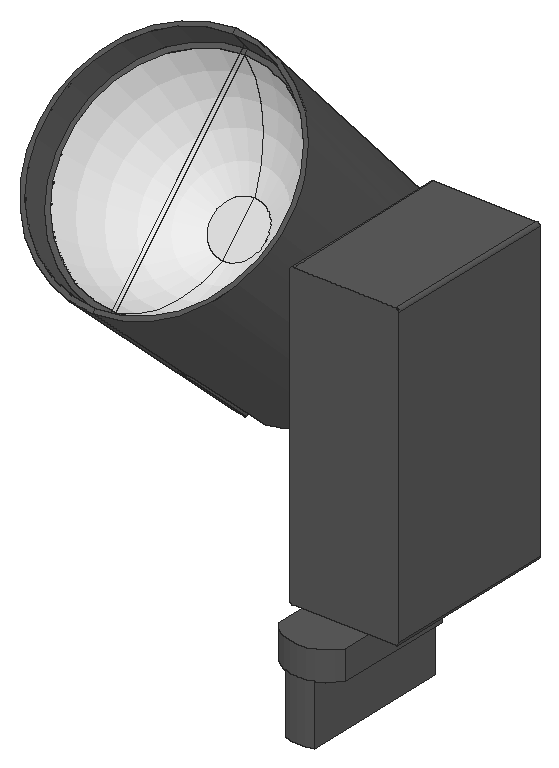
Revit family "0004944 Feilo Sylvania Lighting Fixture START TRACK SPOT L DALI 3260LM 930 WB BLK", category Lighting Fixtures, host Face, Revit 2017 (continued)
Definition of nested family "Start Track Spot Head"
  Types (96, lengths in mm): name | Wattage | built-in parameter 1150134 | Photometric Web File | Model | built-in parameter 1150105 | Lumens | built-in parameter 1150107 | built-in parameter 1150106 | HeadThickness_FEILO | HeadRibOffset_FEILO | HeadRibDepth_FEILO | HeadRibCutWidth_FEILO | HeadRibCutOffset_FEILO | HeadReflectorRadius_FEILO | HeadReflectorOffset_FEILO | HeadLEDRadius_FEILO | HeadHeight_FEILO | HeadDiffusorOffset_FEILO | HeadDiaOut_FEILO | HeadDiaIn_FEILO | HeadAxisFromTop_FEILO | Emit from Circle Diameter | built-in parameter 1150104 | Description | Apparent Load
    0004864 START TRACK SPOT S 24W 3K RA90 WB WHITE | 24 W | (empty or 0) | "0004864.ies" | "START TRACK SPOT S 24W 3K RA90 WB WHITE" | 152.79 (stored number, unit not read) | 1920 lm | 3000 (stored number, unit not read) | 1.5279 (stored number, unit not read) | 1.5 | 4.179 | 55.714 | 7.167 | 50.87 | 50.588 | 55.714 | 9.556 | 117 | 9.435 | 86 | 77.477 | 69.354 | 77.477 | 7.4322 (stored number, unit not read) | "Integrated LED spotlight, Textured White - RAL9016, compact and minimalist design, ideal for retail applications, die-cast aluminium body, passive cooling heatsink. Beam angle: 64°, color temperature: 3000K , total system power: 24W, total fixture output: 1928 lm, LOR: 100%, colour rendering: Ra: 90 typical, LED Chromaticity: 3 step MacAdam ellipse, lifetime: >50000 hours at L70B50, energy class: A++, A+, A, IR/UV free light source without heat radiation, operating voltage: 220-240V / 50-60Hz, drive current: 600mA, electronic driver, non-dimmable, power factor: 0.95, electrical protection: Class II, Global Track 3 Phase adapter suitable for Global trac 3-circuit tracks, ingress protection rating: IP20, suitable for internal environment only, horizontal rotation: 355°, vertical tilt: 90°, dimensions: Ø86x140x200, weight: 0.966kg." | 24 VA
    0004863 START TRACK SPOT S 24W 3K RA90 MB WHITE | 24 W | (empty or 0) | "0004863.ies" | "START TRACK SPOT S 24W 3K RA90 MB WHITE" | 154.7 (stored number, unit not read) | 1944 lm | 3000 (stored number, unit not read) | 1.547 (stored number, unit not read) | 1.5 | 4.179 | 55.714 | 7.167 | 50.87 | 50.588 | 55.714 | 9.556 | 117 | 9.435 | 86 | 77.477 | 69.354 | 77.477 | 7.5251 (stored number, unit not read) | "Integrated LED spotlight, Textured White - RAL9016, compact and minimalist design, ideal for retail applications, die-cast aluminium body, passive cooling heatsink. Beam angle: 36°, color temperature: 3000K , total system power: 24W, total fixture output: 1944 lm, LOR: 100%, colour rendering: Ra: 90 typical, LED Chromaticity: 3 step MacAdam ellipse, lifetime: >50000 hours at L70B50, energy class: A++, A+, A, IR/UV free light source without heat radiation, operating voltage: 220-240V / 50-60Hz, drive current: 600mA, electronic driver, non-dimmable, power factor: 0.95, electrical protection: Class II, Global Track 3 Phase adapter suitable for Global trac 3-circuit tracks, ingress protection rating: IP20, suitable for internal environment only, horizontal rotation: 355°, vertical tilt: 90°, dimensions: Ø86x140x200, weight: 0.966kg." | 24 VA
    0004862 START TRACK SPOT S 24W 3K RA90 NB WHITE | 24 W | (empty or 0) | "0004862.ies" | "START TRACK SPOT S 24W 3K RA90 NB WHITE" | 158.52 (stored number, unit not read) | 1992 lm | 3000 (stored number, unit not read) | 1.5852 (stored number, unit not read) | 1.5 | 4.179 | 55.714 | 7.167 | 50.87 | 50.588 | 55.714 | 9.556 | 117 | 9.435 | 86 | 77.477 | 69.354 | 77.477 | 7.711 (stored number, unit not read) | "Integrated LED spotlight, Textured White - RAL9016, compact and minimalist design, ideal for retail applications, die-cast aluminium body, passive cooling heatsink. Beam angle: 12°, color temperature: 3000K , total system power: 24W, total fixture output: 1987 lm, LOR: 100%, colour rendering: Ra: 90 typical, LED Chromaticity: 3 step MacAdam ellipse, lifetime: >50000 hours at L70B50, energy class: A++, A+, A, IR/UV free light source without heat radiation, operating voltage: 220-240V / 50-60Hz, drive current: 600mA, electronic driver, non-dimmable, power factor: 0.95, electrical protection: Class II, Global Track 3 Phase adapter suitable for Global trac 3-circuit tracks, ingress protection rating: IP20, suitable for internal environment only, horizontal rotation: 355°, vertical tilt: 90°, dimensions: Ø86x140x200, weight: 0.966kg." | 24 VA
    0004861 START TRACK SPOT S 14W 3K RA90 WB WHITE | 14 W | (empty or 0) | "0004861.ies" | "START TRACK SPOT S 14W 3K RA90 WB WHITE" | 100.27 (stored number, unit not read) | 1260 lm | 3000 (stored number, unit not read) | 1.0027 (stored number, unit not read) | 1.5 | 4.179 | 55.714 | 7.167 | 50.87 | 50.588 | 55.714 | 9.556 | 117 | 9.435 | 86 | 77.477 | 69.354 | 77.477 | 8.3613 (stored number, unit not read) | "Integrated LED spotlight, Textured White - RAL9016, compact and minimalist design, ideal for retail applications, die-cast aluminium body, passive cooling heatsink. Beam angle: 64°, color temperature: 3000K , total system power: 14W, total fixture output: 1262 lm, LOR: 100%, colour rendering: Ra: 90 typical, LED Chromaticity: 3 step MacAdam ellipse, lifetime: >50000 hours at L70B50, energy class: A++, A+, A, IR/UV free light source without heat radiation, operating voltage: 220-240V / 50-60Hz, drive current: 350mA, electronic driver, non-dimmable, power factor: 0.92, electrical protection: Class II, Global Track 3 Phase adapter suitable for Global trac 3-circuit tracks, ingress protection rating: IP20, suitable for internal environment only, horizontal rotation: 355°, vertical tilt: 90°, dimensions: Ø86x140x200, weight: 0.940kg." | 14 VA
    0004860 START TRACK SPOT S 14W 3K RA90 MB WHITE | 14 W | (empty or 0) | "0004860.ies" | "START TRACK SPOT S 14W 3K RA90 MB WHITE" | 100.27 (stored number, unit not read) | 1260 lm | 3000 (stored number, unit not read) | 1.0027 (stored number, unit not read) | 1.5 | 4.179 | 55.714 | 7.167 | 50.87 | 50.588 | 55.714 | 9.556 | 117 | 9.435 | 86 | 77.477 | 69.354 | 77.477 | 8.3613 (stored number, unit not read) | "Integrated LED spotlight, Textured White - RAL9016, compact and minimalist design, ideal for retail applications, die-cast aluminium body, passive cooling heatsink. Beam angle: 36°, color temperature: 3000K , total system power: 14W, total fixture output: 1262 lm, LOR: 100%, colour rendering: Ra: 90 typical, LED Chromaticity: 3 step MacAdam ellipse, lifetime: >50000 hours at L70B50, energy class: A++, A+, A, IR/UV free light source without heat radiation, operating voltage: 220-240V / 50-60Hz, drive current: 350mA, electronic driver, non-dimmable, power factor: 0.92, electrical protection: Class II, Global Track 3 Phase adapter suitable for Global trac 3-circuit tracks, ingress protection rating: IP20, suitable for internal environment only, horizontal rotation: 355°, vertical tilt: 90°, dimensions: Ø86x140x200, weight: 0.940kg." | 14 VA
    0004859 START TRACK SPOT S 14W 3K RA90 NB WHITE | 14 W | (empty or 0) | "0004859.ies" | "START TRACK SPOT S 14W 3K RA90 NB WHITE" | 102.5 (stored number, unit not read) | 1288 lm | 3000 (stored number, unit not read) | 1.025 (stored number, unit not read) | 1.5 | 4.179 | 55.714 | 7.167 | 50.87 | 50.588 | 55.714 | 9.556 | 117 | 9.435 | 86 | 77.477 | 69.354 | 77.477 | 8.5471 (stored number, unit not read) | "Integrated LED spotlight, Textured White - RAL9016, compact and minimalist design, ideal for retail applications, die-cast aluminium body, passive cooling heatsink. Beam angle: 12°, color temperature: 3000K , total system power: 14W, total fixture output: 1284 lm, LOR: 100%, colour rendering: Ra: 90 typical, LED Chromaticity: 3 step MacAdam ellipse, lifetime: >50000 hours at L70B50, energy class: A++, A+, A, IR/UV free light source without heat radiation, operating voltage: 220-240V / 50-60Hz, drive current: 350mA, electronic driver, non-dimmable, power factor: 0.92, electrical protection: Class II, Global Track 3 Phase adapter suitable for Global trac 3-circuit tracks, ingress protection rating: IP20, suitable for internal environment only, horizontal rotation: 355°, vertical tilt: 90°, dimensions: Ø86x140x200, weight: 0.940kg." | 14 VA
    0004858 START TRACK SPOT L 55W 4K RA80 WB BLACK | 55 W | 12 | "0004858.ies" | "START TRACK SPOT L 55W 4K RA80 WB BLACK" | 424.55 (stored number, unit not read) | 5335 lm | 4000 (stored number, unit not read) | 4.2455 (stored number, unit not read) | 2 | 4.429 | 59.048 | 9.417 | 53.913 | 66.471 | 59.048 | 12.556 | 124 | 10 | 113 | 101.802 | 73.503 | 101.802 | 9.0116 (stored number, unit not read) | "Integrated LED spotlight, Textured Black - RAL9005, compact and minimalist design, ideal for retail applications, die-cast aluminium body, passive cooling heatsink. Beam angle: 52°, color temperature: 4000K , total system power: 55W, total fixture output: 5320 lm, LOR: 100%, colour rendering: Ra: 80 typical, LED Chromaticity: 3 step MacAdam ellipse, lifetime: >50000 hours at L70B50, energy class: A++, A+, A, IR/UV free light source without heat radiation, operating voltage: 220-240V / 50-60Hz, drive current: 1400mA, electronic driver, non-dimmable, power factor: 0.96, electrical protection: Class II, Global Track 3 Phase adapter suitable for Global trac 3-circuit tracks, ingress protection rating: IP20, suitable for internal environment only, horizontal rotation: 355°, vertical tilt: 90°, dimensions: Ø113x164x240, weight: 1.398kg." | 55 VA
    0004857 START TRACK SPOT L 55W 4K RA80 MB BLACK | 55 W | 12 | "0004857.ies" | "START TRACK SPOT L 55W 4K RA80 MB BLACK" | 428.92 (stored number, unit not read) | 5390 lm | 4000 (stored number, unit not read) | 4.2892 (stored number, unit not read) | 2 | 4.429 | 59.048 | 9.417 | 53.913 | 66.471 | 59.048 | 12.556 | 124 | 10 | 113 | 101.802 | 73.503 | 101.802 | 9.1045 (stored number, unit not read) | "Integrated LED spotlight, Textured Black - RAL9005, compact and minimalist design, ideal for retail applications, die-cast aluminium body, passive cooling heatsink. Beam angle: 38°, color temperature: 4000K , total system power: 55W, total fixture output: 5378 lm, LOR: 100%, colour rendering: Ra: 80 typical, LED Chromaticity: 3 step MacAdam ellipse, lifetime: >50000 hours at L70B50, energy class: A++, A+, A, IR/UV free light source without heat radiation, operating voltage: 220-240V / 50-60Hz, drive current: 1400mA, electronic driver, non-dimmable, power factor: 0.96, electrical protection: Class II, Global Track 3 Phase adapter suitable for Global trac 3-circuit tracks, ingress protection rating: IP20, suitable for internal environment only, horizontal rotation: 355°, vertical tilt: 90°, dimensions: Ø113x164x240, weight: 1.398kg." | 55 VA
    0004856 START TRACK SPOT L 55W 4K RA80 NB BLACK | 55 W | 12 | "0004856.ies" | "START TRACK SPOT L 55W 4K RA80 NB BLACK" | 433.3 (stored number, unit not read) | 5445 lm | 4000 (stored number, unit not read) | 4.333 (stored number, unit not read) | 2 | 4.429 | 59.048 | 9.417 | 53.913 | 66.471 | 59.048 | 12.556 | 124 | 10 | 113 | 101.802 | 73.503 | 101.802 | 9.1974 (stored number, unit not read) | "Integrated LED spotlight, Textured Black - RAL9005, compact and minimalist design, ideal for retail applications, die-cast aluminium body, passive cooling heatsink. Beam angle: 15°, color temperature: 4000K , total system power: 55W, total fixture output: 5426 lm, LOR: 100%, colour rendering: Ra: 80 typical, LED Chromaticity: 3 step MacAdam ellipse, lifetime: >50000 hours at L70B50, energy class: A++, A+, A, IR/UV free light source without heat radiation, operating voltage: 220-240V / 50-60Hz, drive current: 1400mA, electronic driver, non-dimmable, power factor: 0.96, electrical protection: Class II, Global Track 3 Phase adapter suitable for Global trac 3-circuit tracks, ingress protection rating: IP20, suitable for internal environment only, horizontal rotation: 355°, vertical tilt: 90°, dimensions: Ø113x164x240, weight: 1.398kg." | 55 VA
    0004855 START TRACK SPOT L 35W 4K RA80 WB BLACK | 35 W | 12 | "0004855.ies" | "START TRACK SPOT L 35W 4K RA80 WB BLACK" | 320.3 (stored number, unit not read) | 4025 lm | 4000 (stored number, unit not read) | 3.203 (stored number, unit not read) | 2 | 4.429 | 59.048 | 9.417 | 53.913 | 66.471 | 59.048 | 12.556 | 124 | 10 | 113 | 101.802 | 73.503 | 101.802 | 10.684 (stored number, unit not read) | "Integrated LED spotlight, Textured Black - RAL9005, compact and minimalist design, ideal for retail applications, die-cast aluminium body, passive cooling heatsink. Beam angle: 52°, color temperature: 4000K , total system power: 35W, total fixture output: 4010 lm, LOR: 100%, colour rendering: Ra: 80 typical, LED Chromaticity: 3 step MacAdam ellipse, lifetime: >50000 hours at L70B50, energy class: A++, A+, A, IR/UV free light source without heat radiation, operating voltage: 220-240V / 50-60Hz, drive current: 900mA, electronic driver, non-dimmable, power factor: 0.93, electrical protection: Class II, Global Track 3 Phase adapter suitable for Global trac 3-circuit tracks, ingress protection rating: IP20, suitable for internal environment only, horizontal rotation: 355°, vertical tilt: 90°, dimensions: Ø113x164x240, weight: 1.368kg." | 35 VA
    0004854 START TRACK SPOT L 35W 4K RA80 MB BLACK | 35 W | 12 | "0004854.ies" | "START TRACK SPOT L 35W 4K RA80 MB BLACK" | 320.3 (stored number, unit not read) | 4025 lm | 4000 (stored number, unit not read) | 3.203 (stored number, unit not read) | 2 | 4.429 | 59.048 | 9.417 | 53.913 | 66.471 | 59.048 | 12.556 | 124 | 10 | 113 | 101.802 | 73.503 | 101.802 | 10.684 (stored number, unit not read) | "Integrated LED spotlight, Textured Black - RAL9005, compact and minimalist design, ideal for retail applications, die-cast aluminium body, passive cooling heatsink. Beam angle: 38°, color temperature: 4000K , total system power: 35W, total fixture output: 4017 lm, LOR: 100%, colour rendering: Ra: 80 typical, LED Chromaticity: 3 step MacAdam ellipse, lifetime: >50000 hours at L70B50, energy class: A++, A+, A, IR/UV free light source without heat radiation, operating voltage: 220-240V / 50-60Hz, drive current: 900mA, electronic driver, non-dimmable, power factor: 0.93, electrical protection: Class II, Global Track 3 Phase adapter suitable for Global trac 3-circuit tracks, ingress protection rating: IP20, suitable for internal environment only, horizontal rotation: 355°, vertical tilt: 90°, dimensions: Ø113x164x240, weight: 1.368kg." | 35 VA
    0004853 START TRACK SPOT L 35W 4K RA80 NB BLACK | 35 W | 12 | "0004853.ies" | "START TRACK SPOT L 35W 4K RA80 NB BLACK" | 331.44 (stored number, unit not read) | 4165 lm | 4000 (stored number, unit not read) | 3.3144 (stored number, unit not read) | 2 | 4.429 | 59.048 | 9.417 | 53.913 | 66.471 | 59.048 | 12.556 | 124 | 10 | 113 | 101.802 | 73.503 | 101.802 | 11.055 (stored number, unit not read) | "Integrated LED spotlight, Textured Black - RAL9005, compact and minimalist design, ideal for retail applications, die-cast aluminium body, passive cooling heatsink. Beam angle: 15°, color temperature: 4000K , total system power: 35W, total fixture output: 4174 lm, LOR: 100%, colour rendering: Ra: 80 typical, LED Chromaticity: 3 step MacAdam ellipse, lifetime: >50000 hours at L70B50, energy class: A++, A+, A, IR/UV free light source without heat radiation, operating voltage: 220-240V / 50-60Hz, drive current: 900mA, electronic driver, non-dimmable, power factor: 0.93, electrical protection: Class II, Global Track 3 Phase adapter suitable for Global trac 3-circuit tracks, ingress protection rating: IP20, suitable for internal environment only, horizontal rotation: 355°, vertical tilt: 90°, dimensions: Ø113x164x240, weight: 1.368kg." | 35 VA
    0004852 START TRACK SPOT S 24W 4K RA80 WB BLACK | 24 W | 12 | "0004852.ies" | "START TRACK SPOT S 24W 4K RA80 WB BLACK" | 196.72 (stored number, unit not read) | 2472 lm | 4000 (stored number, unit not read) | 1.9672 (stored number, unit not read) | 1.5 | 4.179 | 55.714 | 7.167 | 50.87 | 50.588 | 55.714 | 9.556 | 117 | 9.435 | 86 | 77.477 | 69.354 | 77.477 | 9.569 (stored number, unit not read) | "Integrated LED spotlight, Textured Black - RAL9005, compact and minimalist design, ideal for retail applications, die-cast aluminium body, passive cooling heatsink. Beam angle: 64°, color temperature: 4000K , total system power: 24W, total fixture output: 2476 lm, LOR: 100%, colour rendering: Ra: 80 typical, LED Chromaticity: 3 step MacAdam ellipse, lifetime: >50000 hours at L70B50, energy class: A++, A+, A, IR/UV free light source without heat radiation, operating voltage: 220-240V / 50-60Hz, drive current: 600mA, electronic driver, non-dimmable, power factor: 0.95, electrical protection: Class II, Global Track 3 Phase adapter suitable for Global trac 3-circuit tracks, ingress protection rating: IP20, suitable for internal environment only, horizontal rotation: 355°, vertical tilt: 90°, dimensions: Ø86x140x200, weight: 0.966kg." | 24 VA
    0004851 START TRACK SPOT S 24W 4K RA80 MB BLACK | 24 W | 12 | "0004851.ies" | "START TRACK SPOT S 24W 4K RA80 MB BLACK" | 198.63 (stored number, unit not read) | 2496 lm | 4000 (stored number, unit not read) | 1.9863 (stored number, unit not read) | 1.5 | 4.179 | 55.714 | 7.167 | 50.87 | 50.588 | 55.714 | 9.556 | 117 | 9.435 | 86 | 77.477 | 69.354 | 77.477 | 9.6619 (stored number, unit not read) | "Integrated LED spotlight, Textured Black - RAL9005, compact and minimalist design, ideal for retail applications, die-cast aluminium body, passive cooling heatsink. Beam angle: 36°, color temperature: 4000K , total system power: 24W, total fixture output: 2487 lm, LOR: 100%, colour rendering: Ra: 80 typical, LED Chromaticity: 3 step MacAdam ellipse, lifetime: >50000 hours at L70B50, energy class: A++, A+, A, IR/UV free light source without heat radiation, operating voltage: 220-240V / 50-60Hz, drive current: 600mA, electronic driver, non-dimmable, power factor: 0.95, electrical protection: Class II, Global Track 3 Phase adapter suitable for Global trac 3-circuit tracks, ingress protection rating: IP20, suitable for internal environment only, horizontal rotation: 355°, vertical tilt: 90°, dimensions: Ø86x140x200, weight: 0.966kg." | 24 VA
    0004850 START TRACK SPOT S 24W 4K RA80 NB BLACK | 24 W | 12 | "0004850.ies" | "START TRACK SPOT S 24W 4K RA80 NB BLACK" | 200.54 (stored number, unit not read) | 2520 lm | 4000 (stored number, unit not read) | 2.0054 (stored number, unit not read) | 1.5 | 4.179 | 55.714 | 7.167 | 50.87 | 50.588 | 55.714 | 9.556 | 117 | 9.435 | 86 | 77.477 | 69.354 | 77.477 | 9.7548 (stored number, unit not read) | "Integrated LED spotlight, Textured Black - RAL9005, compact and minimalist design, ideal for retail applications, die-cast aluminium body, passive cooling heatsink. Beam angle: 12°, color temperature: 4000K , total system power: 24W, total fixture output: 2529 lm, LOR: 100%, colour rendering: Ra: 80 typical, LED Chromaticity: 3 step MacAdam ellipse, lifetime: >50000 hours at L70B50, energy class: A++, A+, A, IR/UV free light source without heat radiation, operating voltage: 220-240V / 50-60Hz, drive current: 600mA, electronic driver, non-dimmable, power factor: 0.95, electrical protection: Class II, Global Track 3 Phase adapter suitable for Global trac 3-circuit tracks, ingress protection rating: IP20, suitable for internal environment only, horizontal rotation: 355°, vertical tilt: 90°, dimensions: Ø86x140x200, weight: 0.966kg." | 24 VA
    0004849 START TRACK SPOT S 14W 4K RA80 WB BLACK | 14 W | 12 | "0004849.ies" | "START TRACK SPOT S 14W 4K RA80 WB BLACK" | 123.66 (stored number, unit not read) | 1554 lm | 4000 (stored number, unit not read) | 1.2366 (stored number, unit not read) | 1.5 | 4.179 | 55.714 | 7.167 | 50.87 | 50.588 | 55.714 | 9.556 | 117 | 9.435 | 86 | 77.477 | 69.354 | 77.477 | 10.312 (stored number, unit not read) | "Integrated LED spotlight, Textured Black - RAL9005, compact and minimalist design, ideal for retail applications, die-cast aluminium body, passive cooling heatsink. Beam angle: 64°, color temperature: 4000K , total system power: 14W, total fixture output: 1558 lm, LOR: 100%, colour rendering: Ra: 80 typical, LED Chromaticity: 3 step MacAdam ellipse, lifetime: >50000 hours at L70B50, energy class: A++, A+, A, IR/UV free light source without heat radiation, operating voltage: 220-240V / 50-60Hz, drive current: 350mA, electronic driver, non-dimmable, power factor: 0.92, electrical protection: Class II, Global Track 3 Phase adapter suitable for Global trac 3-circuit tracks, ingress protection rating: IP20, suitable for internal environment only, horizontal rotation: 355°, vertical tilt: 90°, dimensions: Ø86x140x200, weight: 0.940kg." | 14 VA
    0004848 START TRACK SPOT S 14W 4K RA80 MB BLACK | 14 W | 12 | "0004848.ies" | "START TRACK SPOT S 14W 4K RA80 MB BLACK" | 127.01 (stored number, unit not read) | 1596 lm | 4000 (stored number, unit not read) | 1.2701 (stored number, unit not read) | 1.5 | 4.179 | 55.714 | 7.167 | 50.87 | 50.588 | 55.714 | 9.556 | 117 | 9.435 | 86 | 77.477 | 69.354 | 77.477 | 10.591 (stored number, unit not read) | "Integrated LED spotlight, Textured Black - RAL9005, compact and minimalist design, ideal for retail applications, die-cast aluminium body, passive cooling heatsink. Beam angle: 36°, color temperature: 4000K , total system power: 14W, total fixture output: 1598 lm, LOR: 100%, colour rendering: Ra: 80 typical, LED Chromaticity: 3 step MacAdam ellipse, lifetime: >50000 hours at L70B50, energy class: A++, A+, A, IR/UV free light source without heat radiation, operating voltage: 220-240V / 50-60Hz, drive current: 350mA, electronic driver, non-dimmable, power factor: 0.92, electrical protection: Class II, Global Track 3 Phase adapter suitable for Global trac 3-circuit tracks, ingress protection rating: IP20, suitable for internal environment only, horizontal rotation: 355°, vertical tilt: 90°, dimensions: Ø86x140x200, weight: 0.940kg." | 14 VA
    0004847 START TRACK SPOT S 14W 4K RA80 NB BLACK | 14 W | 12 | "0004847.ies" | "START TRACK SPOT S 14W 4K RA80 NB BLACK" | 128.12 (stored number, unit not read) | 1610 lm | 4000 (stored number, unit not read) | 1.2812 (stored number, unit not read) | 1.5 | 4.179 | 55.714 | 7.167 | 50.87 | 50.588 | 55.714 | 9.556 | 117 | 9.435 | 86 | 77.477 | 69.354 | 77.477 | 10.684 (stored number, unit not read) | "Integrated LED spotlight, Textured Black - RAL9005, compact and minimalist design, ideal for retail applications, die-cast aluminium body, passive cooling heatsink. Beam angle: 12°, color temperature: 4000K , total system power: 14W, total fixture output: 1608 lm, LOR: 100%, colour rendering: Ra: 80 typical, LED Chromaticity: 3 step MacAdam ellipse, lifetime: >50000 hours at L70B50, energy class: A++, A+, A, IR/UV free light source without heat radiation, operating voltage: 220-240V / 50-60Hz, drive current: 350mA, electronic driver, non-dimmable, power factor: 0.92, electrical protection: Class II, Global Track 3 Phase adapter suitable for Global trac 3-circuit tracks, ingress protection rating: IP20, suitable for internal environment only, horizontal rotation: 355°, vertical tilt: 90°, dimensions: Ø86x140x200, weight: 0.940kg." | 14 VA
    0004846 START TRACK SPOT L 55W 3K RA80 WB BLACK | 55 W | (empty or 0) | "0004846.ies" | "START TRACK SPOT L 55W 3K RA80 WB BLACK" | 420.17 (stored number, unit not read) | 5280 lm | 3000 (stored number, unit not read) | 4.2017 (stored number, unit not read) | 2 | 4.429 | 59.048 | 9.417 | 53.913 | 66.471 | 59.048 | 12.556 | 124 | 10 | 113 | 101.802 | 73.503 | 101.802 | 8.9187 (stored number, unit not read) | "Integrated LED spotlight, Textured Black - RAL9005, compact and minimalist design, ideal for retail applications, die-cast aluminium body, passive cooling heatsink. Beam angle: 52°, color temperature: 3000K , total system power: 55W, total fixture output: 5298 lm, LOR: 100%, colour rendering: Ra: 80 typical, LED Chromaticity: 3 step MacAdam ellipse, lifetime: >50000 hours at L70B50, energy class: A++, A+, A, IR/UV free light source without heat radiation, operating voltage: 220-240V / 50-60Hz, drive current: 1400mA, electronic driver, non-dimmable, power factor: 0.96, electrical protection: Class II, Global Track 3 Phase adapter suitable for Global trac 3-circuit tracks, ingress protection rating: IP20, suitable for internal environment only, horizontal rotation: 355°, vertical tilt: 90°, dimensions: Ø113x164x240, weight: 1.398kg." | 55 VA
    0004845 START TRACK SPOT L 55W 3K RA80 MB BLACK | 55 W | (empty or 0) | "0004845.ies" | "START TRACK SPOT L 55W 3K RA80 MB BLACK" | 428.92 (stored number, unit not read) | 5390 lm | 3000 (stored number, unit not read) | 4.2892 (stored number, unit not read) | 2 | 4.429 | 59.048 | 9.417 | 53.913 | 66.471 | 59.048 | 12.556 | 124 | 10 | 113 | 101.802 | 73.503 | 101.802 | 9.1045 (stored number, unit not read) | "Integrated LED spotlight, Textured Black - RAL9005, compact and minimalist design, ideal for retail applications, die-cast aluminium body, passive cooling heatsink. Beam angle: 38°, color temperature: 3000K , total system power: 55W, total fixture output: 5381 lm, LOR: 100%, colour rendering: Ra: 80 typical, LED Chromaticity: 3 step MacAdam ellipse, lifetime: >50000 hours at L70B50, energy class: A++, A+, A, IR/UV free light source without heat radiation, operating voltage: 220-240V / 50-60Hz, drive current: 1400mA, electronic driver, non-dimmable, power factor: 0.96, electrical protection: Class II, Global Track 3 Phase adapter suitable for Global trac 3-circuit tracks, ingress protection rating: IP20, suitable for internal environment only, horizontal rotation: 355°, vertical tilt: 90°, dimensions: Ø113x164x240, weight: 1.398kg." | 55 VA
    0004844 START TRACK SPOT L 55W 3K RA80 NB BLACK | 55 W | (empty or 0) | "0004844.ies" | "START TRACK SPOT L 55W 3K RA80 NB BLACK" | 433.3 (stored number, unit not read) | 5445 lm | 3000 (stored number, unit not read) | 4.333 (stored number, unit not read) | 2 | 4.429 | 59.048 | 9.417 | 53.913 | 66.471 | 59.048 | 12.556 | 124 | 10 | 113 | 101.802 | 73.503 | 101.802 | 9.1974 (stored number, unit not read) | "Integrated LED spotlight, Textured Black - RAL9005, compact and minimalist design, ideal for retail applications, die-cast aluminium body, passive cooling heatsink. Beam angle: 15°, color temperature: 3000K , total system power: 55W, total fixture output: 5449 lm, LOR: 100%, colour rendering: Ra: 80 typical, LED Chromaticity: 3 step MacAdam ellipse, lifetime: >50000 hours at L70B50, energy class: A++, A+, A, IR/UV free light source without heat radiation, operating voltage: 220-240V / 50-60Hz, drive current: 1400mA, electronic driver, non-dimmable, power factor: 0.96, electrical protection: Class II, Global Track 3 Phase adapter suitable for Global trac 3-circuit tracks, ingress protection rating: IP20, suitable for internal environment only, horizontal rotation: 355°, vertical tilt: 90°, dimensions: Ø113x164x240, weight: 1.398kg." | 55 VA
    0004843 START TRACK SPOT L 35W 3K RA80 WB BLACK | 35 W | (empty or 0) | "0004843.ies" | "START TRACK SPOT L 35W 3K RA80 WB BLACK" | 314.73 (stored number, unit not read) | 3955 lm | 3000 (stored number, unit not read) | 3.1473 (stored number, unit not read) | 2 | 4.429 | 59.048 | 9.417 | 53.913 | 66.471 | 59.048 | 12.556 | 124 | 10 | 113 | 101.802 | 73.503 | 101.802 | 10.498 (stored number, unit not read) | "Integrated LED spotlight, Textured Black - RAL9005, compact and minimalist design, ideal for retail applications, die-cast aluminium body, passive cooling heatsink. Beam angle: 52°, color temperature: 3000K , total system power: 35W, total fixture output: 3943 lm, LOR: 100%, colour rendering: Ra: 80 typical, LED Chromaticity: 3 step MacAdam ellipse, lifetime: >50000 hours at L70B50, energy class: A++, A+, A, IR/UV free light source without heat radiation, operating voltage: 220-240V / 50-60Hz, drive current: 900mA, electronic driver, non-dimmable, power factor: 0.93, electrical protection: Class II, Global Track 3 Phase adapter suitable for Global trac 3-circuit tracks, ingress protection rating: IP20, suitable for internal environment only, horizontal rotation: 355°, vertical tilt: 90°, dimensions: Ø113x164x240, weight: 1.368kg." | 35 VA
    0004842 START TRACK SPOT L 35W 3K RA80 MB BLACK | 35 W | (empty or 0) | "0004842.ies" | "START TRACK SPOT L 35W 3K RA80 MB BLACK" | 320.3 (stored number, unit not read) | 4025 lm | 3000 (stored number, unit not read) | 3.203 (stored number, unit not read) | 2 | 4.429 | 59.048 | 9.417 | 53.913 | 66.471 | 59.048 | 12.556 | 124 | 10 | 113 | 101.802 | 73.503 | 101.802 | 10.684 (stored number, unit not read) | "Integrated LED spotlight, Textured Black - RAL9005, compact and minimalist design, ideal for retail applications, die-cast aluminium body, passive cooling heatsink. Beam angle: 38°, color temperature: 3000K , total system power: 35W, total fixture output: 4008 lm, LOR: 100%, colour rendering: Ra: 80 typical, LED Chromaticity: 3 step MacAdam ellipse, lifetime: >50000 hours at L70B50, energy class: A++, A+, A, IR/UV free light source without heat radiation, operating voltage: 220-240V / 50-60Hz, drive current: 900mA, electronic driver, non-dimmable, power factor: 0.93, electrical protection: Class II, Global Track 3 Phase adapter suitable for Global trac 3-circuit tracks, ingress protection rating: IP20, suitable for internal environment only, horizontal rotation: 355°, vertical tilt: 90°, dimensions: Ø113x164x240, weight: 1.368kg." | 35 VA
    0004841 START TRACK SPOT L 35W 3K RA80 NB BLACK | 35 W | (empty or 0) | "0004841.ies" | "START TRACK SPOT L 35W 3K RA80 NB BLACK" | 317.51 (stored number, unit not read) | 3990 lm | 3000 (stored number, unit not read) | 3.1751 (stored number, unit not read) | 2 | 4.429 | 59.048 | 9.417 | 53.913 | 66.471 | 59.048 | 12.556 | 124 | 10 | 113 | 101.802 | 73.503 | 101.802 | 10.591 (stored number, unit not read) | "Integrated LED spotlight, Textured Black - RAL9005, compact and minimalist design, ideal for retail applications, die-cast aluminium body, passive cooling heatsink. Beam angle: 15°, color temperature: 3000K , total system power: 35W, total fixture output: 4005 lm, LOR: 100%, colour rendering: Ra: 80 typical, LED Chromaticity: 3 step MacAdam ellipse, lifetime: >50000 hours at L70B50, energy class: A++, A+, A, IR/UV free light source without heat radiation, operating voltage: 220-240V / 50-60Hz, drive current: 900mA, electronic driver, non-dimmable, power factor: 0.93, electrical protection: Class II, Global Track 3 Phase adapter suitable for Global trac 3-circuit tracks, ingress protection rating: IP20, suitable for internal environment only, horizontal rotation: 355°, vertical tilt: 90°, dimensions: Ø113x164x240, weight: 1.368kg." | 35 VA
    0004840 START TRACK SPOT S 24W 3K RA80 WB BLACK | 24 W | (empty or 0) | "0004840.ies" | "START TRACK SPOT S 24W 3K RA80 WB BLACK" | 185.26 (stored number, unit not read) | 2328 lm | 3000 (stored number, unit not read) | 1.8526 (stored number, unit not read) | 1.5 | 4.179 | 55.714 | 7.167 | 50.87 | 50.588 | 55.714 | 9.556 | 117 | 9.435 | 86 | 77.477 | 69.354 | 77.477 | 9.0116 (stored number, unit not read) | "Integrated LED spotlight, Textured Black - RAL9005, compact and minimalist design, ideal for retail applications, die-cast aluminium body, passive cooling heatsink. Beam angle: 64°, color temperature: 3000K , total system power: 24W, total fixture output: 2318 lm, LOR: 100%, colour rendering: Ra: 80 typical, LED Chromaticity: 3 step MacAdam ellipse, lifetime: >50000 hours at L70B50, energy class: A++, A+, A, IR/UV free light source without heat radiation, operating voltage: 220-240V / 50-60Hz, drive current: 600mA, electronic driver, non-dimmable, power factor: 0.95, electrical protection: Class II, Global Track 3 Phase adapter suitable for Global trac 3-circuit tracks, ingress protection rating: IP20, suitable for internal environment only, horizontal rotation: 355°, vertical tilt: 90°, dimensions: Ø86x140x200, weight: 0.966kg." | 24 VA
    0004839 START TRACK SPOT S 24W 3K RA80 MB BLACK | 24 W | (empty or 0) | "0004839.ies" | "START TRACK SPOT S 24W 3K RA80 MB BLACK" | 183.35 (stored number, unit not read) | 2304 lm | 3000 (stored number, unit not read) | 1.8335 (stored number, unit not read) | 1.5 | 4.179 | 55.714 | 7.167 | 50.87 | 50.588 | 55.714 | 9.556 | 117 | 9.435 | 86 | 77.477 | 69.354 | 77.477 | 8.9187 (stored number, unit not read) | "Integrated LED spotlight, Textured Black - RAL9005, compact and minimalist design, ideal for retail applications, die-cast aluminium body, passive cooling heatsink. Beam angle: 36°, color temperature: 3000K , total system power: 24W, total fixture output: 2314 lm, LOR: 100%, colour rendering: Ra: 80 typical, LED Chromaticity: 3 step MacAdam ellipse, lifetime: >50000 hours at L70B50, energy class: A++, A+, A, IR/UV free light source without heat radiation, operating voltage: 220-240V / 50-60Hz, drive current: 600mA, electronic driver, non-dimmable, power factor: 0.95, electrical protection: Class II, Global Track 3 Phase adapter suitable for Global trac 3-circuit tracks, ingress protection rating: IP20, suitable for internal environment only, horizontal rotation: 355°, vertical tilt: 90°, dimensions: Ø86x140x200, weight: 0.966kg." | 24 VA
    0004838 START TRACK SPOT S 24W 3K RA80 NB BLACK | 24 W | (empty or 0) | "0004838.ies" | "START TRACK SPOT S 24W 3K RA80 NB BLACK" | 185.26 (stored number, unit not read) | 2328 lm | 3000 (stored number, unit not read) | 1.8526 (stored number, unit not read) | 1.5 | 4.179 | 55.714 | 7.167 | 50.87 | 50.588 | 55.714 | 9.556 | 117 | 9.435 | 86 | 77.477 | 69.354 | 77.477 | 9.0116 (stored number, unit not read) | "Integrated LED spotlight, Textured Black - RAL9005, compact and minimalist design, ideal for retail applications, die-cast aluminium body, passive cooling heatsink. Beam angle: 12°, color temperature: 3000K , total system power: 24W, total fixture output: 2334 lm, LOR: 100%, colour rendering: Ra: 80 typical, LED Chromaticity: 3 step MacAdam ellipse, lifetime: >50000 hours at L70B50, energy class: A++, A+, A, IR/UV free light source without heat radiation, operating voltage: 220-240V / 50-60Hz, drive current: 600mA, electronic driver, non-dimmable, power factor: 0.95, electrical protection: Class II, Global Track 3 Phase adapter suitable for Global trac 3-circuit tracks, ingress protection rating: IP20, suitable for internal environment only, horizontal rotation: 355°, vertical tilt: 90°, dimensions: Ø86x140x200, weight: 0.966kg." | 24 VA
    0004837 START TRACK SPOT S 14W 3K RA80 WB BLACK | 14 W | (empty or 0) | "0004837.ies" | "START TRACK SPOT S 14W 3K RA80 WB BLACK" | 119.21 (stored number, unit not read) | 1498 lm | 3000 (stored number, unit not read) | 1.1921 (stored number, unit not read) | 1.5 | 4.179 | 55.714 | 7.167 | 50.87 | 50.588 | 55.714 | 9.556 | 117 | 9.435 | 86 | 77.477 | 69.354 | 77.477 | 9.9406 (stored number, unit not read) | "Integrated LED spotlight, Textured Black - RAL9005, compact and minimalist design, ideal for retail applications, die-cast aluminium body, passive cooling heatsink. Beam angle: 64°, color temperature: 3000K , total system power: 14W, total fixture output: 1498 lm, LOR: 100%, colour rendering: Ra: 80 typical, LED Chromaticity: 3 step MacAdam ellipse, lifetime: >50000 hours at L70B50, energy class: A++, A+, A, IR/UV free light source without heat radiation, operating voltage: 220-240V / 50-60Hz, drive current: 350mA, electronic driver, non-dimmable, power factor: 0.92, electrical protection: Class II, Global Track 3 Phase adapter suitable for Global trac 3-circuit tracks, ingress protection rating: IP20, suitable for internal environment only, horizontal rotation: 355°, vertical tilt: 90°, dimensions: Ø86x140x200, weight: 0.940kg." | 14 VA
    0004836 START TRACK SPOT S 14W 3K RA80 MB BLACK | 14 W | (empty or 0) | "0004836.ies" | "START TRACK SPOT S 14W 3K RA80 MB BLACK" | 120.32 (stored number, unit not read) | 1512 lm | 3000 (stored number, unit not read) | 1.2032 (stored number, unit not read) | 1.5 | 4.179 | 55.714 | 7.167 | 50.87 | 50.588 | 55.714 | 9.556 | 117 | 9.435 | 86 | 77.477 | 69.354 | 77.477 | 10.034 (stored number, unit not read) | "Integrated LED spotlight, Textured Black - RAL9005, compact and minimalist design, ideal for retail applications, die-cast aluminium body, passive cooling heatsink. Beam angle: 36°, color temperature: 3000K , total system power: 14W, total fixture output: 1508 lm, LOR: 100%, colour rendering: Ra: 80 typical, LED Chromaticity: 3 step MacAdam ellipse, lifetime: >50000 hours at L70B50, energy class: A++, A+, A, IR/UV free light source without heat radiation, operating voltage: 220-240V / 50-60Hz, drive current: 350mA, electronic driver, non-dimmable, power factor: 0.92, electrical protection: Class II, Global Track 3 Phase adapter suitable for Global trac 3-circuit tracks, ingress protection rating: IP20, suitable for internal environment only, horizontal rotation: 355°, vertical tilt: 90°, dimensions: Ø86x140x200, weight: 0.940kg." | 14 VA
    0004835 START TRACK SPOT S 14W 3K RA80 NB BLACK | 14 W | (empty or 0) | "0004835.ies" | "START TRACK SPOT S 14W 3K RA80 NB BLACK" | 123.66 (stored number, unit not read) | 1554 lm | 3000 (stored number, unit not read) | 1.2366 (stored number, unit not read) | 1.5 | 4.179 | 55.714 | 7.167 | 50.87 | 50.588 | 55.714 | 9.556 | 117 | 9.435 | 86 | 77.477 | 69.354 | 77.477 | 10.312 (stored number, unit not read) | "Integrated LED spotlight, Textured Black - RAL9005, compact and minimalist design, ideal for retail applications, die-cast aluminium body, passive cooling heatsink. Beam angle: 12°, color temperature: 3000K , total system power: 14W, total fixture output: 1551 lm, LOR: 100%, colour rendering: Ra: 80 typical, LED Chromaticity: 3 step MacAdam ellipse, lifetime: >50000 hours at L70B50, energy class: A++, A+, A, IR/UV free light source without heat radiation, operating voltage: 220-240V / 50-60Hz, drive current: 350mA, electronic driver, non-dimmable, power factor: 0.92, electrical protection: Class II, Global Track 3 Phase adapter suitable for Global trac 3-circuit tracks, ingress protection rating: IP20, suitable for internal environment only, horizontal rotation: 355°, vertical tilt: 90°, dimensions: Ø86x140x200, weight: 0.940kg." | 14 VA
    0004834 START TRACK SPOT L 55W 4K RA80 WB WHITE | 55 W | 12 | "0004834.ies" | "START TRACK SPOT L 55W 4K RA80 WB WHITE" | 424.55 (stored number, unit not read) | 5335 lm | 4000 (stored number, unit not read) | 4.2455 (stored number, unit not read) | 2 | 4.429 | 59.048 | 9.417 | 53.913 | 66.471 | 59.048 | 12.556 | 124 | 10 | 113 | 101.802 | 73.503 | 101.802 | 9.0116 (stored number, unit not read) | "Integrated LED spotlight, Textured White - RAL9016, compact and minimalist design, ideal for retail applications, die-cast aluminium body, passive cooling heatsink. Beam angle: 52°, color temperature: 4000K , total system power: 55W, total fixture output: 5320 lm, LOR: 100%, colour rendering: Ra: 80 typical, LED Chromaticity: 3 step MacAdam ellipse, lifetime: >50000 hours at L70B50, energy class: A++, A+, A, IR/UV free light source without heat radiation, operating voltage: 220-240V / 50-60Hz, drive current: 1400mA, electronic driver, non-dimmable, power factor: 0.96, electrical protection: Class II, Global Track 3 Phase adapter suitable for Global trac 3-circuit tracks, ingress protection rating: IP20, suitable for internal environment only, horizontal rotation: 355°, vertical tilt: 90°, dimensions: Ø113x164x240, weight: 1.398kg." | 55 VA
    0004833 START TRACK SPOT L 55W 4K RA80 MB WHITE | 55 W | 12 | "0004833.ies" | "START TRACK SPOT L 55W 4K RA80 MB WHITE" | 428.92 (stored number, unit not read) | 5390 lm | 4000 (stored number, unit not read) | 4.2892 (stored number, unit not read) | 2 | 4.429 | 59.048 | 9.417 | 53.913 | 66.471 | 59.048 | 12.556 | 124 | 10 | 113 | 101.802 | 73.503 | 101.802 | 9.1045 (stored number, unit not read) | "Integrated LED spotlight, Textured White - RAL9016, compact and minimalist design, ideal for retail applications, die-cast aluminium body, passive cooling heatsink. Beam angle: 38°, color temperature: 4000K , total system power: 55W, total fixture output: 5378 lm, LOR: 100%, colour rendering: Ra: 80 typical, LED Chromaticity: 3 step MacAdam ellipse, lifetime: >50000 hours at L70B50, energy class: A++, A+, A, IR/UV free light source without heat radiation, operating voltage: 220-240V / 50-60Hz, drive current: 1400mA, electronic driver, non-dimmable, power factor: 0.96, electrical protection: Class II, Global Track 3 Phase adapter suitable for Global trac 3-circuit tracks, ingress protection rating: IP20, suitable for internal environment only, horizontal rotation: 355°, vertical tilt: 90°, dimensions: Ø113x164x240, weight: 1.398kg." | 55 VA
    0004832 START TRACK SPOT L 55W 4K RA80 NB WHITE | 55 W | 12 | "0004832.ies" | "START TRACK SPOT L 55W 4K RA80 NB WHITE" | 433.3 (stored number, unit not read) | 5445 lm | 4000 (stored number, unit not read) | 4.333 (stored number, unit not read) | 2 | 4.429 | 59.048 | 9.417 | 53.913 | 66.471 | 59.048 | 12.556 | 124 | 10 | 113 | 101.802 | 73.503 | 101.802 | 9.1974 (stored number, unit not read) | "Integrated LED spotlight, Textured White - RAL9016, compact and minimalist design, ideal for retail applications, die-cast aluminium body, passive cooling heatsink. Beam angle: 15°, color temperature: 4000K , total system power: 55W, total fixture output: 5426 lm, LOR: 100%, colour rendering: Ra: 80 typical, LED Chromaticity: 3 step MacAdam ellipse, lifetime: >50000 hours at L70B50, energy class: A++, A+, A, IR/UV free light source without heat radiation, operating voltage: 220-240V / 50-60Hz, drive current: 1400mA, electronic driver, non-dimmable, power factor: 0.96, electrical protection: Class II, Global Track 3 Phase adapter suitable for Global trac 3-circuit tracks, ingress protection rating: IP20, suitable for internal environment only, horizontal rotation: 355°, vertical tilt: 90°, dimensions: Ø113x164x240, weight: 1.398kg." | 55 VA
    0004831 START TRACK SPOT L 35W 4K RA80 WB WHITE | 35 W | 12 | "0004831.ies" | "START TRACK SPOT L 35W 4K RA80 WB WHITE" | 320.3 (stored number, unit not read) | 4025 lm | 4000 (stored number, unit not read) | 3.203 (stored number, unit not read) | 2 | 4.429 | 59.048 | 9.417 | 53.913 | 66.471 | 59.048 | 12.556 | 124 | 10 | 113 | 101.802 | 73.503 | 101.802 | 10.684 (stored number, unit not read) | "Integrated LED spotlight, Textured White - RAL9016, compact and minimalist design, ideal for retail applications, die-cast aluminium body, passive cooling heatsink. Beam angle: 52°, color temperature: 4000K , total system power: 35W, total fixture output: 4010 lm, LOR: 100%, colour rendering: Ra: 80 typical, LED Chromaticity: 3 step MacAdam ellipse, lifetime: >50000 hours at L70B50, energy class: A++, A+, A, IR/UV free light source without heat radiation, operating voltage: 220-240V / 50-60Hz, drive current: 900mA, electronic driver, non-dimmable, power factor: 0.93, electrical protection: Class II, Global Track 3 Phase adapter suitable for Global trac 3-circuit tracks, ingress protection rating: IP20, suitable for internal environment only, horizontal rotation: 355°, vertical tilt: 90°, dimensions: Ø113x164x240, weight: 1.368kg." | 35 VA
    0004830 START TRACK SPOT L 35W 4K RA80 MB WHITE | 35 W | 12 | "0004830.ies" | "START TRACK SPOT L 35W 4K RA80 MB WHITE" | 320.3 (stored number, unit not read) | 4025 lm | 4000 (stored number, unit not read) | 3.203 (stored number, unit not read) | 2 | 4.429 | 59.048 | 9.417 | 53.913 | 66.471 | 59.048 | 12.556 | 124 | 10 | 113 | 101.802 | 73.503 | 101.802 | 10.684 (stored number, unit not read) | "Integrated LED spotlight, Textured White - RAL9016, compact and minimalist design, ideal for retail applications, die-cast aluminium body, passive cooling heatsink. Beam angle: 38°, color temperature: 4000K , total system power: 35W, total fixture output: 4017 lm, LOR: 100%, colour rendering: Ra: 80 typical, LED Chromaticity: 3 step MacAdam ellipse, lifetime: >50000 hours at L70B50, energy class: A++, A+, A, IR/UV free light source without heat radiation, operating voltage: 220-240V / 50-60Hz, drive current: 900mA, electronic driver, non-dimmable, power factor: 0.93, electrical protection: Class II, Global Track 3 Phase adapter suitable for Global trac 3-circuit tracks, ingress protection rating: IP20, suitable for internal environment only, horizontal rotation: 355°, vertical tilt: 90°, dimensions: Ø113x164x240, weight: 1.368kg." | 35 VA
    0004829 START TRACK SPOT L 35W 4K RA80 NB WHITE | 35 W | 12 | "0004829.ies" | "START TRACK SPOT L 35W 4K RA80 NB WHITE" | 331.44 (stored number, unit not read) | 4165 lm | 4000 (stored number, unit not read) | 3.3144 (stored number, unit not read) | 2 | 4.429 | 59.048 | 9.417 | 53.913 | 66.471 | 59.048 | 12.556 | 124 | 10 | 113 | 101.802 | 73.503 | 101.802 | 11.055 (stored number, unit not read) | "Integrated LED spotlight, Textured White - RAL9016, compact and minimalist design, ideal for retail applications, die-cast aluminium body, passive cooling heatsink. Beam angle: 15°, color temperature: 4000K , total system power: 35W, total fixture output: 4174 lm, LOR: 100%, colour rendering: Ra: 80 typical, LED Chromaticity: 3 step MacAdam ellipse, lifetime: >50000 hours at L70B50, energy class: A++, A+, A, IR/UV free light source without heat radiation, operating voltage: 220-240V / 50-60Hz, drive current: 900mA, electronic driver, non-dimmable, power factor: 0.93, electrical protection: Class II, Global Track 3 Phase adapter suitable for Global trac 3-circuit tracks, ingress protection rating: IP20, suitable for internal environment only, horizontal rotation: 355°, vertical tilt: 90°, dimensions: Ø113x164x240, weight: 1.368kg." | 35 VA
    0004828 START TRACK SPOT S 24W 4K RA80 WB WHITE | 24 W | 12 | "0004828.ies" | "START TRACK SPOT S 24W 4K RA80 WB WHITE" | 196.72 (stored number, unit not read) | 2472 lm | 4000 (stored number, unit not read) | 1.9672 (stored number, unit not read) | 1.5 | 4.179 | 55.714 | 7.167 | 50.87 | 50.588 | 55.714 | 9.556 | 117 | 9.435 | 86 | 77.477 | 69.354 | 77.477 | 9.569 (stored number, unit not read) | "Integrated LED spotlight, Textured White - RAL9016, compact and minimalist design, ideal for retail applications, die-cast aluminium body, passive cooling heatsink. Beam angle: 64°, color temperature: 4000K , total system power: 24W, total fixture output: 2476 lm, LOR: 100%, colour rendering: Ra: 80 typical, LED Chromaticity: 3 step MacAdam ellipse, lifetime: >50000 hours at L70B50, energy class: A++, A+, A, IR/UV free light source without heat radiation, operating voltage: 220-240V / 50-60Hz, drive current: 600mA, electronic driver, non-dimmable, power factor: 0.95, electrical protection: Class II, Global Track 3 Phase adapter suitable for Global trac 3-circuit tracks, ingress protection rating: IP20, suitable for internal environment only, horizontal rotation: 355°, vertical tilt: 90°, dimensions: Ø86x140x200, weight: 0.966kg." | 24 VA
    0004827 START TRACK SPOT S 24W 4K RA80 MB WHITE | 24 W | 12 | "0004827.ies" | "START TRACK SPOT S 24W 4K RA80 MB WHITE" | 198.63 (stored number, unit not read) | 2496 lm | 4000 (stored number, unit not read) | 1.9863 (stored number, unit not read) | 1.5 | 4.179 | 55.714 | 7.167 | 50.87 | 50.588 | 55.714 | 9.556 | 117 | 9.435 | 86 | 77.477 | 69.354 | 77.477 | 9.6619 (stored number, unit not read) | "Integrated LED spotlight, Textured White - RAL9016, compact and minimalist design, ideal for retail applications, die-cast aluminium body, passive cooling heatsink. Beam angle: 36°, color temperature: 4000K , total system power: 24W, total fixture output: 2487 lm, LOR: 100%, colour rendering: Ra: 80 typical, LED Chromaticity: 3 step MacAdam ellipse, lifetime: >50000 hours at L70B50, energy class: A++, A+, A, IR/UV free light source without heat radiation, operating voltage: 220-240V / 50-60Hz, drive current: 600mA, electronic driver, non-dimmable, power factor: 0.95, electrical protection: Class II, Global Track 3 Phase adapter suitable for Global trac 3-circuit tracks, ingress protection rating: IP20, suitable for internal environment only, horizontal rotation: 355°, vertical tilt: 90°, dimensions: Ø86x140x200, weight: 0.966kg." | 24 VA
    0004826 START TRACK SPOT S 24W 4K RA80 NB WHITE | 24 W | 12 | "0004826.ies" | "START TRACK SPOT S 24W 4K RA80 NB WHITE" | 200.54 (stored number, unit not read) | 2520 lm | 4000 (stored number, unit not read) | 2.0054 (stored number, unit not read) | 1.5 | 4.179 | 55.714 | 7.167 | 50.87 | 50.588 | 55.714 | 9.556 | 117 | 9.435 | 86 | 77.477 | 69.354 | 77.477 | 9.7548 (stored number, unit not read) | "Integrated LED spotlight, Textured White - RAL9016, compact and minimalist design, ideal for retail applications, die-cast aluminium body, passive cooling heatsink. Beam angle: 12°, color temperature: 4000K , total system power: 24W, total fixture output: 2529 lm, LOR: 100%, colour rendering: Ra: 80 typical, LED Chromaticity: 3 step MacAdam ellipse, lifetime: >50000 hours at L70B50, energy class: A++, A+, A, IR/UV free light source without heat radiation, operating voltage: 220-240V / 50-60Hz, drive current: 600mA, electronic driver, non-dimmable, power factor: 0.95, electrical protection: Class II, Global Track 3 Phase adapter suitable for Global trac 3-circuit tracks, ingress protection rating: IP20, suitable for internal environment only, horizontal rotation: 355°, vertical tilt: 90°, dimensions: Ø86x140x200, weight: 0.966kg." | 24 VA
    0004825 START TRACK SPOT S 14W 4K RA80 WB WHITE | 14 W | 12 | "0004825.ies" | "START TRACK SPOT S 14W 4K RA80 WB WHITE" | 123.66 (stored number, unit not read) | 1554 lm | 4000 (stored number, unit not read) | 1.2366 (stored number, unit not read) | 1.5 | 4.179 | 55.714 | 7.167 | 50.87 | 50.588 | 55.714 | 9.556 | 117 | 9.435 | 86 | 77.477 | 69.354 | 77.477 | 10.312 (stored number, unit not read) | "Integrated LED spotlight, Textured White - RAL9016, compact and minimalist design, ideal for retail applications, die-cast aluminium body, passive cooling heatsink. Beam angle: 64°, color temperature: 4000K , total system power: 14W, total fixture output: 1558 lm, LOR: 100%, colour rendering: Ra: 80 typical, LED Chromaticity: 3 step MacAdam ellipse, lifetime: >50000 hours at L70B50, energy class: A++, A+, A, IR/UV free light source without heat radiation, operating voltage: 220-240V / 50-60Hz, drive current: 350mA, electronic driver, non-dimmable, power factor: 0.92, electrical protection: Class II, Global Track 3 Phase adapter suitable for Global trac 3-circuit tracks, ingress protection rating: IP20, suitable for internal environment only, horizontal rotation: 355°, vertical tilt: 90°, dimensions: Ø86x140x200, weight: 0.940kg." | 14 VA
    0004824 START TRACK SPOT S 14W 4K RA80 MB WHITE | 14 W | 12 | "0004824.ies" | "START TRACK SPOT S 14W 4K RA80 MB WHITE" | 127.01 (stored number, unit not read) | 1596 lm | 4000 (stored number, unit not read) | 1.2701 (stored number, unit not read) | 1.5 | 4.179 | 55.714 | 7.167 | 50.87 | 50.588 | 55.714 | 9.556 | 117 | 9.435 | 86 | 77.477 | 69.354 | 77.477 | 10.591 (stored number, unit not read) | "Integrated LED spotlight, Textured White - RAL9016, compact and minimalist design, ideal for retail applications, die-cast aluminium body, passive cooling heatsink. Beam angle: 36°, color temperature: 4000K , total system power: 14W, total fixture output: 1598 lm, LOR: 100%, colour rendering: Ra: 80 typical, LED Chromaticity: 3 step MacAdam ellipse, lifetime: >50000 hours at L70B50, energy class: A++, A+, A, IR/UV free light source without heat radiation, operating voltage: 220-240V / 50-60Hz, drive current: 350mA, electronic driver, non-dimmable, power factor: 0.92, electrical protection: Class II, Global Track 3 Phase adapter suitable for Global trac 3-circuit tracks, ingress protection rating: IP20, suitable for internal environment only, horizontal rotation: 355°, vertical tilt: 90°, dimensions: Ø86x140x200, weight: 0.940kg." | 14 VA
    0004823 START TRACK SPOT S 14W 4K RA80 NB WHITE | 14 W | 12 | "0004823.ies" | "START TRACK SPOT S 14W 4K RA80 NB WHITE" | 128.12 (stored number, unit not read) | 1610 lm | 4000 (stored number, unit not read) | 1.2812 (stored number, unit not read) | 1.5 | 4.179 | 55.714 | 7.167 | 50.87 | 50.588 | 55.714 | 9.556 | 117 | 9.435 | 86 | 77.477 | 69.354 | 77.477 | 10.684 (stored number, unit not read) | "Integrated LED spotlight, Textured White - RAL9016, compact and minimalist design, ideal for retail applications, die-cast aluminium body, passive cooling heatsink. Beam angle: 12°, color temperature: 4000K , total system power: 14W, total fixture output: 1608 lm, LOR: 100%, colour rendering: Ra: 80 typical, LED Chromaticity: 3 step MacAdam ellipse, lifetime: >50000 hours at L70B50, energy class: A++, A+, A, IR/UV free light source without heat radiation, operating voltage: 220-240V / 50-60Hz, drive current: 350mA, electronic driver, non-dimmable, power factor: 0.92, electrical protection: Class II, Global Track 3 Phase adapter suitable for Global trac 3-circuit tracks, ingress protection rating: IP20, suitable for internal environment only, horizontal rotation: 355°, vertical tilt: 90°, dimensions: Ø86x140x200, weight: 0.940kg." | 14 VA
    0004822 START TRACK SPOT L 55W 3K RA80 WB WHITE | 55 W | (empty or 0) | "0004822.ies" | "START TRACK SPOT L 55W 3K RA80 WB WHITE" | 420.17 (stored number, unit not read) | 5280 lm | 3000 (stored number, unit not read) | 4.2017 (stored number, unit not read) | 2 | 4.429 | 59.048 | 9.417 | 53.913 | 66.471 | 59.048 | 12.556 | 124 | 10 | 113 | 101.802 | 73.503 | 101.802 | 8.9187 (stored number, unit not read) | "Integrated LED spotlight, Textured White - RAL9016, compact and minimalist design, ideal for retail applications, die-cast aluminium body, passive cooling heatsink. Beam angle: 52°, color temperature: 3000K , total system power: 55W, total fixture output: 5298 lm, LOR: 100%, colour rendering: Ra: 80 typical, LED Chromaticity: 3 step MacAdam ellipse, lifetime: >50000 hours at L70B50, energy class: A++, A+, A, IR/UV free light source without heat radiation, operating voltage: 220-240V / 50-60Hz, drive current: 1400mA, electronic driver, non-dimmable, power factor: 0.96, electrical protection: Class II, Global Track 3 Phase adapter suitable for Global trac 3-circuit tracks, ingress protection rating: IP20, suitable for internal environment only, horizontal rotation: 355°, vertical tilt: 90°, dimensions: Ø113x164x240, weight: 1.398kg." | 55 VA
    0004821 START TRACK SPOT L 55W 3K RA80 MB WHITE | 55 W | (empty or 0) | "0004821.ies" | "START TRACK SPOT L 55W 3K RA80 MB WHITE" | 428.92 (stored number, unit not read) | 5390 lm | 3000 (stored number, unit not read) | 4.2892 (stored number, unit not read) | 2 | 4.429 | 59.048 | 9.417 | 53.913 | 66.471 | 59.048 | 12.556 | 124 | 10 | 113 | 101.802 | 73.503 | 101.802 | 9.1045 (stored number, unit not read) | "Integrated LED spotlight, Textured White - RAL9016, compact and minimalist design, ideal for retail applications, die-cast aluminium body, passive cooling heatsink. Beam angle: 38°, color temperature: 3000K , total system power: 55W, total fixture output: 5381 lm, LOR: 100%, colour rendering: Ra: 80 typical, LED Chromaticity: 3 step MacAdam ellipse, lifetime: >50000 hours at L70B50, energy class: A++, A+, A, IR/UV free light source without heat radiation, operating voltage: 220-240V / 50-60Hz, drive current: 1400mA, electronic driver, non-dimmable, power factor: 0.96, electrical protection: Class II, Global Track 3 Phase adapter suitable for Global trac 3-circuit tracks, ingress protection rating: IP20, suitable for internal environment only, horizontal rotation: 355°, vertical tilt: 90°, dimensions: Ø113x164x240, weight: 1.398kg." | 55 VA
    0004820 START TRACK SPOT L 55W 3K RA80 NB WHITE | 55 W | (empty or 0) | "0004820.ies" | "START TRACK SPOT L 55W 3K RA80 NB WHITE" | 433.3 (stored number, unit not read) | 5445 lm | 3000 (stored number, unit not read) | 4.333 (stored number, unit not read) | 2 | 4.429 | 59.048 | 9.417 | 53.913 | 66.471 | 59.048 | 12.556 | 124 | 10 | 113 | 101.802 | 73.503 | 101.802 | 9.1974 (stored number, unit not read) | "Integrated LED spotlight, Textured White - RAL9016, compact and minimalist design, ideal for retail applications, die-cast aluminium body, passive cooling heatsink. Beam angle: 15°, color temperature: 3000K , total system power: 55W, total fixture output: 5449 lm, LOR: 100%, colour rendering: Ra: 80 typical, LED Chromaticity: 3 step MacAdam ellipse, lifetime: >50000 hours at L70B50, energy class: A++, A+, A, IR/UV free light source without heat radiation, operating voltage: 220-240V / 50-60Hz, drive current: 1400mA, electronic driver, non-dimmable, power factor: 0.96, electrical protection: Class II, Global Track 3 Phase adapter suitable for Global trac 3-circuit tracks, ingress protection rating: IP20, suitable for internal environment only, horizontal rotation: 355°, vertical tilt: 90°, dimensions: Ø113x164x240, weight: 1.398kg." | 55 VA
    0004819 START TRACK SPOT L 35W 3K RA80 WB WHITE | 35 W | (empty or 0) | "0004819.ies" | "START TRACK SPOT L 35W 3K RA80 WB WHITE" | 314.73 (stored number, unit not read) | 3955 lm | 3000 (stored number, unit not read) | 3.1473 (stored number, unit not read) | 2 | 4.429 | 59.048 | 9.417 | 53.913 | 66.471 | 59.048 | 12.556 | 124 | 10 | 113 | 101.802 | 73.503 | 101.802 | 10.498 (stored number, unit not read) | "Integrated LED spotlight, Textured White - RAL9016, compact and minimalist design, ideal for retail applications, die-cast aluminium body, passive cooling heatsink. Beam angle: 52°, color temperature: 3000K , total system power: 35W, total fixture output: 3943 lm, LOR: 100%, colour rendering: Ra: 80 typical, LED Chromaticity: 3 step MacAdam ellipse, lifetime: >50000 hours at L70B50, energy class: A++, A+, A, IR/UV free light source without heat radiation, operating voltage: 220-240V / 50-60Hz, drive current: 900mA, electronic driver, non-dimmable, power factor: 0.93, electrical protection: Class II, Global Track 3 Phase adapter suitable for Global trac 3-circuit tracks, ingress protection rating: IP20, suitable for internal environment only, horizontal rotation: 355°, vertical tilt: 90°, dimensions: Ø113x164x240, weight: 1.368kg." | 35 VA
    0004818 START TRACK SPOT L 35W 3K RA80 MB WHITE | 35 W | (empty or 0) | "0004818.ies" | "START TRACK SPOT L 35W 3K RA80 MB WHITE" | 320.3 (stored number, unit not read) | 4025 lm | 3000 (stored number, unit not read) | 3.203 (stored number, unit not read) | 2 | 4.429 | 59.048 | 9.417 | 53.913 | 66.471 | 59.048 | 12.556 | 124 | 10 | 113 | 101.802 | 73.503 | 101.802 | 10.684 (stored number, unit not read) | "Integrated LED spotlight, Textured White - RAL9016, compact and minimalist design, ideal for retail applications, die-cast aluminium body, passive cooling heatsink. Beam angle: 38°, color temperature: 3000K , total system power: 35W, total fixture output: 4008 lm, LOR: 100%, colour rendering: Ra: 80 typical, LED Chromaticity: 3 step MacAdam ellipse, lifetime: >50000 hours at L70B50, energy class: A++, A+, A, IR/UV free light source without heat radiation, operating voltage: 220-240V / 50-60Hz, drive current: 900mA, electronic driver, non-dimmable, power factor: 0.93, electrical protection: Class II, Global Track 3 Phase adapter suitable for Global trac 3-circuit tracks, ingress protection rating: IP20, suitable for internal environment only, horizontal rotation: 355°, vertical tilt: 90°, dimensions: Ø113x164x240, weight: 1.368kg." | 35 VA
    0004817 START TRACK SPOT L 35W 3K RA80 NB WHITE | 35 W | (empty or 0) | "0004817.ies" | "START TRACK SPOT L 35W 3K RA80 NB WHITE" | 317.51 (stored number, unit not read) | 3990 lm | 3000 (stored number, unit not read) | 3.1751 (stored number, unit not read) | 2 | 4.429 | 59.048 | 9.417 | 53.913 | 66.471 | 59.048 | 12.556 | 124 | 10 | 113 | 101.802 | 73.503 | 101.802 | 10.591 (stored number, unit not read) | "Integrated LED spotlight, Textured White - RAL9016, compact and minimalist design, ideal for retail applications, die-cast aluminium body, passive cooling heatsink. Beam angle: 15°, color temperature: 3000K , total system power: 35W, total fixture output: 4005 lm, LOR: 100%, colour rendering: Ra: 80 typical, LED Chromaticity: 3 step MacAdam ellipse, lifetime: >50000 hours at L70B50, energy class: A++, A+, A, IR/UV free light source without heat radiation, operating voltage: 220-240V / 50-60Hz, drive current: 900mA, electronic driver, non-dimmable, power factor: 0.93, electrical protection: Class II, Global Track 3 Phase adapter suitable for Global trac 3-circuit tracks, ingress protection rating: IP20, suitable for internal environment only, horizontal rotation: 355°, vertical tilt: 90°, dimensions: Ø113x164x240, weight: 1.368kg." | 35 VA
    0004816 START TRACK SPOT S 24W 3K RA80 WB WHITE | 24 W | (empty or 0) | "0004816.ies" | "START TRACK SPOT S 24W 3K RA80 WB WHITE" | 185.26 (stored number, unit not read) | 2328 lm | 3000 (stored number, unit not read) | 1.8526 (stored number, unit not read) | 1.5 | 4.179 | 55.714 | 7.167 | 50.87 | 50.588 | 55.714 | 9.556 | 117 | 9.435 | 86 | 77.477 | 69.354 | 77.477 | 9.0116 (stored number, unit not read) | "Integrated LED spotlight, Textured White - RAL9016, compact and minimalist design, ideal for retail applications, die-cast aluminium body, passive cooling heatsink. Beam angle: 64°, color temperature: 3000K , total system power: 24W, total fixture output: 2318 lm, LOR: 100%, colour rendering: Ra: 80 typical, LED Chromaticity: 3 step MacAdam ellipse, lifetime: >50000 hours at L70B50, energy class: A++, A+, A, IR/UV free light source without heat radiation, operating voltage: 220-240V / 50-60Hz, drive current: 600mA, electronic driver, non-dimmable, power factor: 0.95, electrical protection: Class II, Global Track 3 Phase adapter suitable for Global trac 3-circuit tracks, ingress protection rating: IP20, suitable for internal environment only, horizontal rotation: 355°, vertical tilt: 90°, dimensions: Ø86x140x200, weight: 0.966kg." | 24 VA
    0004815 START TRACK SPOT S 24W 3K RA80 MB WHITE | 24 W | (empty or 0) | "0004815.ies" | "START TRACK SPOT S 24W 3K RA80 MB WHITE" | 183.35 (stored number, unit not read) | 2304 lm | 3000 (stored number, unit not read) | 1.8335 (stored number, unit not read) | 1.5 | 4.179 | 55.714 | 7.167 | 50.87 | 50.588 | 55.714 | 9.556 | 117 | 9.435 | 86 | 77.477 | 69.354 | 77.477 | 8.9187 (stored number, unit not read) | "Integrated LED spotlight, Textured White - RAL9016, compact and minimalist design, ideal for retail applications, die-cast aluminium body, passive cooling heatsink. Beam angle: 36°, color temperature: 3000K , total system power: 24W, total fixture output: 2314 lm, LOR: 100%, colour rendering: Ra: 80 typical, LED Chromaticity: 3 step MacAdam ellipse, lifetime: >50000 hours at L70B50, energy class: A++, A+, A, IR/UV free light source without heat radiation, operating voltage: 220-240V / 50-60Hz, drive current: 600mA, electronic driver, non-dimmable, power factor: 0.95, electrical protection: Class II, Global Track 3 Phase adapter suitable for Global trac 3-circuit tracks, ingress protection rating: IP20, suitable for internal environment only, horizontal rotation: 355°, vertical tilt: 90°, dimensions: Ø86x140x200, weight: 0.966kg." | 24 VA
    0004814 START TRACK SPOT S 24W 3K RA80 NB WHITE | 24 W | (empty or 0) | "0004814.ies" | "START TRACK SPOT S 24W 3K RA80 NB WHITE" | 185.26 (stored number, unit not read) | 2328 lm | 3000 (stored number, unit not read) | 1.8526 (stored number, unit not read) | 1.5 | 4.179 | 55.714 | 7.167 | 50.87 | 50.588 | 55.714 | 9.556 | 117 | 9.435 | 86 | 77.477 | 69.354 | 77.477 | 9.0116 (stored number, unit not read) | "Integrated LED spotlight, Textured White - RAL9016, compact and minimalist design, ideal for retail applications, die-cast aluminium body, passive cooling heatsink. Beam angle: 12°, color temperature: 3000K , total system power: 24W, total fixture output: 2334 lm, LOR: 100%, colour rendering: Ra: 80 typical, LED Chromaticity: 3 step MacAdam ellipse, lifetime: >50000 hours at L70B50, energy class: A++, A+, A, IR/UV free light source without heat radiation, operating voltage: 220-240V / 50-60Hz, drive current: 600mA, electronic driver, non-dimmable, power factor: 0.95, electrical protection: Class II, Global Track 3 Phase adapter suitable for Global trac 3-circuit tracks, ingress protection rating: IP20, suitable for internal environment only, horizontal rotation: 355°, vertical tilt: 90°, dimensions: Ø86x140x200, weight: 0.966kg." | 24 VA
    0004813 START TRACK SPOT S 14W 3K RA80 WB WHITE | 14 W | (empty or 0) | "0004813.ies" | "START TRACK SPOT S 14W 3K RA80 WB WHITE" | 119.21 (stored number, unit not read) | 1498 lm | 3000 (stored number, unit not read) | 1.1921 (stored number, unit not read) | 1.5 | 4.179 | 55.714 | 7.167 | 50.87 | 50.588 | 55.714 | 9.556 | 117 | 9.435 | 86 | 77.477 | 69.354 | 77.477 | 9.9406 (stored number, unit not read) | "Integrated LED spotlight, Textured White - RAL9016, compact and minimalist design, ideal for retail applications, die-cast aluminium body, passive cooling heatsink. Beam angle: 64°, color temperature: 3000K , total system power: 14W, total fixture output: 1498 lm, LOR: 100%, colour rendering: Ra: 80 typical, LED Chromaticity: 3 step MacAdam ellipse, lifetime: >50000 hours at L70B50, energy class: A++, A+, A, IR/UV free light source without heat radiation, operating voltage: 220-240V / 50-60Hz, drive current: 350mA, electronic driver, non-dimmable, power factor: 0.92, electrical protection: Class II, Global Track 3 Phase adapter suitable for Global trac 3-circuit tracks, ingress protection rating: IP20, suitable for internal environment only, horizontal rotation: 355°, vertical tilt: 90°, dimensions: Ø86x140x200, weight: 0.940kg." | 14 VA
